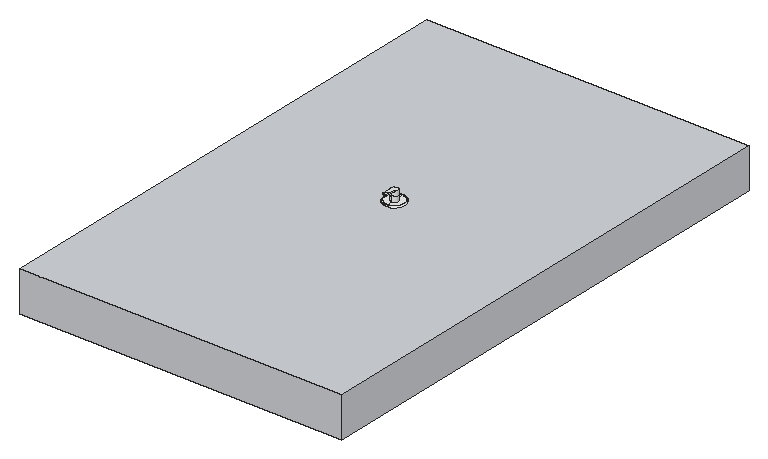
Revit family "Trim-Wall_Hung-Grohe-Eurostyle_Cosmopolitan-14464000", category Plumbing Fixtures, host Face, Revit 2014
Parameters (values of type "14464000")
  Width = 6 5/16"  # constant formula
  Waste Connection = no
  Warranty Documentation Link = "https://cdn.cloud.grohe.com/tpi/1000/1900/1940/1949/1949006/original/1949006.pdf"
  WFU = 4  # constant formula
  Vent Connection = no
  URL = "https://www.grohe.us/"
  Type Comments = ""
  Tempered Connection Radius = Tempered Connection Diameter / 2  # 1/4"
  Tempered Connection Diameter = Hot Water Connection Diameter  # 1/2"
  Product Page URL = ""
  Price = "Prices may vary. Please consult Manufacturer Representative for most up-to-date price list."  # constant formula
  Model = "14464000"
  Material = "Brass-Grohe-000-Starlight Chrome"
  Manufacturer = "Grohe"
  Length = 3 1/2"  # constant formula
  Installation Type = "Wall Mounted"
  Hot Water Connection Radius = Hot Water Connection Diameter / 2  # 1/4"
  Hot Water Connection Diameter = Cold Water Connection Diameter  # 1/2"
  Height = 7"  # constant formula
  HWFU = 3  # constant formula
  HW Connection = yes
  Flow Rate = "5.2 gpm - 3.0 gpm (19 L/min)"
  Finish = Brass-Grohe-000-Starlight Chrome
  Description = "Eurostyle Cosmopolitan Pressure Balance Trim with Cartridge"  # constant formula
  Default Elevation = 44"  # constant formula
  Creation Date = "03/11/2020"  # constant formula
  Cold Water Connection Radius = 1/4"  # constant formula
  Cold Water Connection Diameter = Cold Water Connection Radius * 2  # 1/2"
  CWFU = 3  # constant formula
  CW Connection = yes
  Assembly Code = "D2010710"
  ADA Compliant = yes
Reference planes (in)
  plane 1 "Center (Front/Back)": y = 0
  plane 2: z = 0
  plane 3 "Center (Left/Right)": x = 0
  plane 4: y = 40
  plane 5: y = -18
  plane 6: y = -39
  plane 7: x = -1.21875
  plane 8: x = 1.21875
  plane 9: x = -3.34375
  plane 10: x = 3.34375
  plane 11: z = 3.125
  plane 12: y = 3.34375
  plane 13: y = -3.90625
  plane 14: z = 3.5
  plane 15: y = 3.15625
  plane 16: y = -3.15625
  plane 17: z = 0.82149
  plane 18: z = 0.375
Forms (in)
  Extrusion 1, solid
    sketch origin (0, 0, 0) x (1, 0, 0) y (0, 1, 0)
      loop
        line (-48, 72) -> (-48, -79.70833) -> (48, -79.70833) -> (48, 72) -> (-48, 72)
    from 0 to -12
  Extrusion 2, solid, material "Brass-Grohe-000-Starlight Chrome" <- "Finish"
    sketch origin (0, 0, 0) x (1, 0, 0) y (0, 1, 0)
      loop
        circle (-0.39839, 0) r 0.25
      loop
        circle (0.39839, 0) r 0.25
    from 0 to 0.0625
  Revolve 3, solid, material "Brass-Grohe-000-Starlight Chrome" <- "Finish"
    sketch origin (0, 0, 0.32149) x (0, 1, 0) y (0, 0, 1)
      loop
        line (0, 3.4296) -> (0, -0.32149) -> (3.15625, -0.32149) -> (3.01129, 0.02002) -> (2.91928, 0.05351) -> (1.0759, 0.05351) -> (1.0759, 1.56029) -> (0.93878, 1.62134) -> (1.06873, 1.62134) -> (1.03716, 3.4296) -> (0, 3.4296)
      axis (0, 3.4296) -> (0, -0.32149)
    angle from 0 to 360
  Extrusion 4, solid, material "Brass-Grohe-000-Starlight Chrome" <- "Finish"
    sketch origin (0, 0, 0.32149) x (1, 0, 0) y (0, 1, 0)
      loop
        arc (-0.71742, -0.74901) -> (-0.65601, -0.83778) -> (-0.63439, -0.94352) r 0.26933
        line (-0.63439, -0.94352) -> (-0.63439, -3.2545)
        arc (-0.63439, -3.2545) -> (0.00004, -3.88893) -> (0.63446, -3.2545) r 0.63442
        line (0.63446, -3.2545) -> (0.63446, -0.9371)
        arc (0.63446, -0.9371) -> (0.65729, -0.83483) -> (0.71742, -0.74901) r 0.26933
        arc (0.71742, -0.74901) -> (0, 1.03716) -> (-0.71742, -0.74901) r 1.03716
    from 2.53737 to 3.92929
  Extrusion 5, void
    sketch origin (0, 0, 0.32149) x (0, 1, 0) y (0, 0, 1)
      loop
        line (1.31348, 2.66444) -> (1.31348, 4.20604) -> (-4.26064, 4.20604) -> (-4.26064, 3.16405)
        arc (-4.26064, 3.16405) -> (-3.39041, 3.18366) -> (-2.52048, 3.1536) r 15.25609
        arc (-2.52048, 3.1536) -> (-0.59569, 2.97022) -> (1.31348, 2.66444) r 30.29814
    from -1.34192 to 1.29181
  Extrusion 6, void
    sketch origin (0, 0, 0.32149) x (0, 1, 0) y (0, 0, 1)
      loop
        arc (0.4887, 2.41973) -> (-1.31264, 2.8484) -> (-3.15947, 2.98196) r 11.48255
        arc (-3.15947, 2.98196) -> (-3.53387, 2.99337) -> (-3.90625, 3.03393) r 4.80277
        line (-3.90625, 3.03393) -> (-4.0927, 3.06164) -> (-4.0927, 2.41973) -> (0.4887, 2.41973)
    from -1.34192 to 1.29181
Cuts and joins
  Extrusion 5 cuts Revolve 3
  Extrusion 5, Extrusion 6 cuts Extrusion 4
  joined: Revolve 3, Extrusion 4
Lines and regions (in)
  Masking region 1
    outline origin (0, 0, 0) x (1, 0, 0) y (0, 0, 1)
      loop
        line (1.0759, 0.375) -> (1.0759, 1.88178) -> (0.93878, 1.94283) -> (1.06873, 1.94283) -> (1.04645, 3.21915)
        arc (1.04645, 3.21915) -> (0.97929, 3.25914) -> (0.90463, 3.28229) r 0.33152
        arc (0.90463, 3.28229) -> (0.79274, 3.30105) -> (0.68029, 3.31612) r 3.44876
        arc (0.68029, 3.31612) -> (0.65633, 3.32192) -> (0.63446, 3.3333) r 0.10217
        line (0.63446, 3.3333) -> (0.63446, 3.50894) -> (-0.63442, 3.50894) -> (-0.63442, 3.3333)
        arc (-0.63442, 3.3333) -> (-0.65629, 3.32192) -> (-0.68024, 3.31612) r 0.10217
        arc (-0.68024, 3.31612) -> (-0.79269, 3.30105) -> (-0.90458, 3.28229) r 3.44876
        arc (-0.90458, 3.28229) -> (-0.97924, 3.25914) -> (-1.0464, 3.21915) r 0.33152
        line (-1.0464, 3.21915) -> (-1.06868, 1.94283) -> (-0.93878, 1.94283) -> (-1.0759, 1.88178) -> (-1.0759, 0.375) -> (-2.91928, 0.375) -> (-3.01129, 0.34151) -> (-3.15625, 0) -> (3.15625, 0) -> (3.01129, 0.34151) -> (2.91928, 0.375) -> (1.0759, 0.375)
  symbolic lines, detail levels medium+fine
    curve 1: line (1.0759, 0, 0.375) -> (-1.0759, 0, 0.375)
    curve 9: line (0.93878, 0, 1.94283) -> (-0.93878, 0, 1.94283)
  symbolic lines, detail levels fine
    curve 2: arc (1.04645, 0, 2.89766) -> (1.02024, 0, 2.85839) -> (0.98097, 0, 2.83219) r 0.12065
    curve 3: arc (0.98097, 0, 2.83219) -> (0.86803, 0, 2.79392) -> (0.75108, 0, 2.77059) r 0.91983
    curve 4: arc (0.75108, 0, 2.77059) -> (0.51094, 0, 2.74202) -> (0.2701, 0, 2.72003) r 8.84436
    curve 5: arc (-1.04645, 0, 2.89766) -> (-1.02024, 0, 2.85839) -> (-0.98097, 0, 2.83219) r 0.12065
    curve 6: arc (-0.98097, 0, 2.83219) -> (-0.86803, 0, 2.79392) -> (-0.75108, 0, 2.77059) r 0.91983
    curve 7: arc (-0.75108, 0, 2.77059) -> (-0.51094, 0, 2.74202) -> (-0.2701, 0, 2.72003) r 8.84436
    curve 8: arc (0.2701, 0, 2.72003) -> (0, 0, 2.71874) -> (-0.2701, 0, 2.72003) r 28.26271
    curve 10: line (1.0759, 0, 1.88178) -> (-1.0759, 0, 1.88178)
    curve 11: line (3.01129, 0, 0.34151) -> (-3.01129, 0, 0.34151)
Dimensions and locks (in)
  plane 1 "Center (Front/Back)" to plane 5 = 18"
  plane 5 to plane 6 = 21"
  plane 1 "Center (Front/Back)" to plane 4 = 40"
  plane 12 to plane 13 = 7 1/4"
  plane 14 to Extrusion 1 = 3 1/2"
  "Hot Water Connection Diameter": diameter of Extrusion 2 sketch curve
  "Cold Water Connection Diameter": diameter of Extrusion 2 sketch curve
  aligned and locked: plane 2 to Extrusion 1
  aligned and locked: level to Extrusion 1
Automatic sketch dimensions
  Extrusion 1 sketch curve to Extrusion 1 sketch curve = 96"
  Extrusion 1 sketch curve to Extrusion 1 sketch curve = 151.70833"
  plane 1 "Center (Front/Back)" to Extrusion 2 sketch curve = 0"  (x2)
  Extrusion 2 sketch curve to plane 3 "Center (Left/Right)" = 0.39839"
  plane 3 "Center (Left/Right)" to Extrusion 2 sketch curve = 0.39839"
  plane 1 "Center (Front/Back)" to Extrusion 4 sketch curve = 0"
  Extrusion 4 sketch curve to plane 3 "Center (Left/Right)" = 0"
  plane 7 to Extrusion 4 sketch curve = 0.58436"
  Extrusion 4 sketch curve to Extrusion 4 sketch curve = 0.26933"
  plane 3 "Center (Left/Right)" to Extrusion 4 sketch curve = 0.00004"
  Extrusion 4 sketch curve to Extrusion 4 sketch curve = 0.26926"
  plane 1 "Center (Front/Back)" to Extrusion 4 sketch curve = 0.9371"
  plane 1 "Center (Front/Back)" to Extrusion 4 sketch curve = 0.94352"
  Extrusion 4 sketch curve to Extrusion 4 sketch curve = 0.00642"
  plane 16 to Extrusion 4 sketch curve = 0.09825"
  Extrusion 4 sketch curve to Extrusion 4 sketch curve = 0"
  Extrusion 5 sketch curve to plane 13 = 0.52394"
  Extrusion 5 sketch curve to plane 13 = 0.35439"
  plane 16 to Extrusion 5 sketch curve = 0.32583"
  Extrusion 5 sketch curve to plane 1 "Center (Front/Back)" = 1.31348"
  Extrusion 5 sketch curve to level = 26.76281"
  Extrusion 5 sketch curve to level = 11.75067"
  Extrusion 5 sketch curve to plane 11 = 0.13907"
  Extrusion 5 sketch curve to plane 14 = 0.01446"
  plane 14 to Extrusion 5 sketch curve = 1.02753"
  Extrusion 6 sketch curve to plane 13 = 0"
  Extrusion 6 sketch curve to plane 13 = 0.18645"
  plane 16 to Extrusion 6 sketch curve = 0.04415"
  Extrusion 6 sketch curve to plane 16 = 0.09464"
  Extrusion 6 sketch curve to plane 1 "Center (Front/Back)" = 0.4887"
  Extrusion 6 sketch curve to level = 8.17869"
  Extrusion 6 sketch curve to plane 11 = 0.38378"
  Extrusion 6 sketch curve to plane 14 = 0.14458"
  Extrusion 6 sketch curve to plane 14 = 0.11687"
  plane 14 to Extrusion 6 sketch curve = 4.60604"
  Revolve 3 sketch curve to plane 1 "Center (Front/Back)" = 0"  (x2)
  Revolve 3 sketch curve to plane 15 = 0"
  Revolve 3 sketch curve to plane 1 "Center (Front/Back)" = 0.93878"
  plane 14 to Revolve 3 sketch curve = 0.25109"
  Revolve 3 sketch curve to Revolve 3 sketch curve = 1.03716"
  Revolve 3 sketch curve to Revolve 3 sketch curve = 0.12995"
  Revolve 3 sketch curve to Revolve 3 sketch curve = 0.00717"
  Revolve 3 sketch curve to plane 18 = 0.03349"
  Revolve 3 sketch curve to plane 15 = 0.14496"
  plane 17 to Revolve 3 sketch curve = 1.06029"
  Revolve 3 sketch curve to Revolve 3 sketch curve = 0.06105"
  Revolve 3 sketch curve to Revolve 3 sketch curve = 0.09201"
  Revolve 3 sketch curve to Revolve 3 sketch curve = 2.56625"
  Revolve 3 sketch curve to Revolve 3 sketch curve = 0.35576"
  Revolve 3 sketch curve to plane 18 = 0"
  Revolve 3 sketch curve to level = 0"
  plane 9 to Masking region 1 sketch curve = 3/16"
  plane 9 to Masking region 1 sketch curve = 0.33246"
  Masking region 1 sketch curve to Masking region 1 sketch curve = 0.09201"  (x2)
  plane 7 to Masking region 1 sketch curve = 0.14285"
  Masking region 1 sketch curve to Masking region 1 sketch curve = 0.00722"
  plane 7 to Masking region 1 sketch curve = 0.17235"
  Masking region 1 sketch curve to Masking region 1 sketch curve = 0.1299"
  Masking region 1 sketch curve to Masking region 1 sketch curve = 0.202"
  Masking region 1 sketch curve to plane 14 = 0.08241"  (x2)
  Masking region 1 sketch curve to Masking region 1 sketch curve = 0.35426"
  plane 14 to Masking region 1 sketch curve = 0.00894"
  Masking region 1 sketch curve to Masking region 1 sketch curve = 0.05773"  (x2)
  Masking region 1 sketch curve to level = 0.10917"  (x2)
  Masking region 1 sketch curve to plane 3 "Center (Left/Right)" = 0.27852"
  plane 3 "Center (Left/Right)" to Masking region 1 sketch curve = 0.27857"
  Masking region 1 sketch curve to plane 14 = 0.1667"
  plane 8 to Masking region 1 sketch curve = 0.58429"
  Masking region 1 sketch curve to plane 11 = 0.16872"  (x2)
  plane 8 to Masking region 1 sketch curve = 0.3743"
  plane 8 to Masking region 1 sketch curve = 0.27997"
  plane 8 to Masking region 1 sketch curve = 0.1723"
  Masking region 1 sketch curve to Masking region 1 sketch curve = 0.12995"
  Masking region 1 sketch curve to Masking region 1 sketch curve = 0.00717"
  plane 10 to Masking region 1 sketch curve = 0.42447"
  plane 10 to Masking region 1 sketch curve = 3/16"
  level to Masking region 1 sketch curve = 0.34151"  (x2)
  Masking region 1 sketch curve to Masking region 1 sketch curve = 0.03349"  (x2)
  Masking region 1 sketch curve to Masking region 1 sketch curve = 1.0745"
  Masking region 1 sketch curve to plane 11 = 1.24322"
  Masking region 1 sketch curve to Masking region 1 sketch curve = 0.06105"  (x2)
  plane 11 to Masking region 1 sketch curve = 0.09415"  (x2)
  Masking region 1 sketch curve to Masking region 1 sketch curve = 0.08429"
  Masking region 1 sketch curve to Masking region 1 sketch curve = 0"  (x2)
  Masking region 1 sketch curve to level = 0"
  curve 8 to plane 3 "Center (Left/Right)" = 0"
  curve 4 to plane 3 "Center (Left/Right)" = 0.41355"
  plane 7 to curve 6 = 0.58879"
  plane 7 to curve 5 = 0.28382"
  plane 3 "Center (Left/Right)" to curve 7 = 0.41355"
  plane 14 to curve 3 = 0.18241"
  plane 3 "Center (Left/Right)" to curve 3 = 0.62996"
  plane 8 to curve 2 = 0.28382"
  plane 14 to curve 6 = 0.18241"
  curve 5 to plane 11 = 0.1813"
  curve 2 to plane 11 = 0.1813"
  curve 3 to curve 7 = 7.85552"
  curve 4 to curve 7 = 0"
  curve 4 to curve 8 = 19.44353"
  curve 7 to plane 3 "Center (Left/Right)" = 0.2701"
  curve 5 to curve 6 = 0.18385"
  curve 7 to curve 6 = 0"
  plane 7 to curve 9 = 0.27997"
  curve 5 to curve 6 = 0"
  curve 5 to curve 6 = 0.06548"
  plane 7 to curve 1 = 0.14285"
  plane 7 to curve 10 = 0.14285"
  plane 9 to curve 11 = 0.33246"
  plane 3 "Center (Left/Right)" to curve 4 = 0.2701"
  curve 3 to curve 4 = 0"
  plane 8 to curve 9 = 0.27997"
  curve 2 to curve 3 = 0"
  curve 3 to curve 2 = 0.06548"
  plane 8 to curve 1 = 0.14285"
  plane 8 to curve 10 = 0.14285"
  plane 10 to curve 11 = 0.33246"
  curve 9 to curve 4 = 0.82775"
  curve 10 to curve 9 = 0.06105"
  level to curve 1 = 3/8"
  level to curve 11 = 0.34151"
Connectors (in)
  piping at (-0.39839, 0, 0), diameter 0.5, driven by "Hot Water Connection Diameter"
    settings: on Extrusion 2, index 1, connector inside diameter 24", connector length 0", flow factor 0, pipe flow 0 GPM, pressure drop 0.00 psi, fitting loss kfactor 0, connector angle 0.00°, fixture units 0, engagement length 0", angle of deflection 0.00°, flow configuration 3, flow direction 1, fitting loss method 0, system type 19, joint type 0, gender type 0, connector reference index -1, connector utility 0, adjustable connector no, is connector primary yes, connector description "1/2\" NPT HW Inlet"
  piping at (0.39839, 0, 0), diameter 0.5, driven by "Cold Water Connection Diameter"
    settings: on Extrusion 2, index 2, connector inside diameter 24", connector length 0", flow factor 0, pipe flow 0 GPM, pressure drop 0.00 psi, fitting loss kfactor 0, connector angle 0.00°, fixture units 0, engagement length 0", angle of deflection 0.00°, flow configuration 3, flow direction 1, fitting loss method 0, system type 20, joint type 0, gender type 0, connector reference index -1, connector utility 0, adjustable connector no, is connector primary no, connector description "1/2\" NPT CW Inlet"
